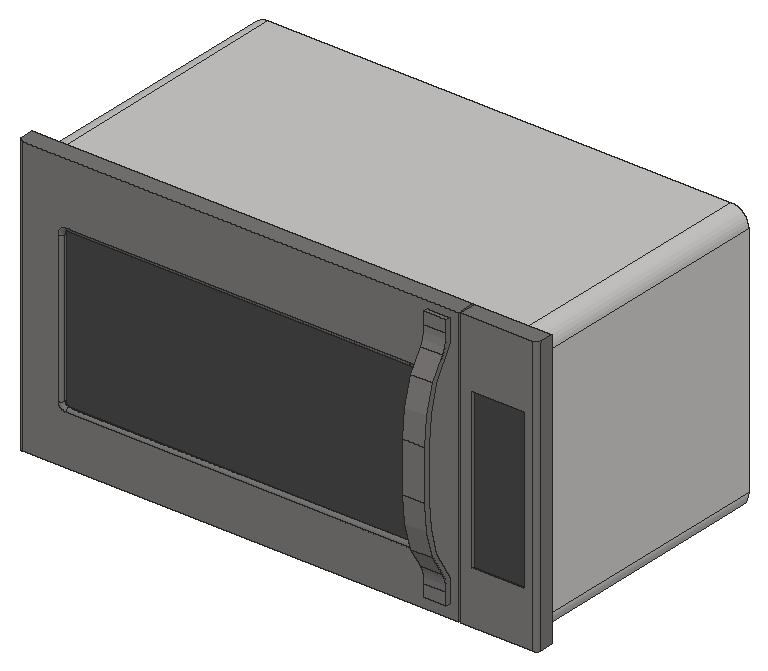
Revit family "M_Forno micro-ondas", category Equipamento especial, Revit 2019
Family settings
  Cota do conector redondo = Utilizar diâmetro
  Tipo de parte = Normal
  Número OmniClass = 23.40.40.14
  Título OmniClass = Food Service Equipment
  Com base no plano de trabalho = Não
  Sempre na vertical = Sim
  Corte com vazios quando carregada = Não
  Compartilhado = Não
  Ponto de cálculo do ambiente = Não
Parameters (values of type "750mm")
  Largura = 750 mm
  Embutido = 0 mm
  Voltagem = 120 V
  Type Comments = ""
  Mostrar legenda = yes
  Consumo de energia = 1000 VA
  Legenda = "Micro-ondas"
  Altura = 400 mm
  Vidro = Eletrodoméstico – Janela
  Descrição = "Forno micro-ondas"
  Linear = 400 mm
  Código de montagem = "E1090320"
  Acabamento do eletrodoméstico = Eletrodoméstico – Bronze
  Corpo do eletrodoméstico = Eletrodoméstico – Aço inoxidável
  Amperagem = Consumo de energia / Voltagem  # 8.33333 A
Reference planes
  plane 1 "Face do armário": y = 0
  plane 2: z = 0
  plane 3 "Centro (Esquerda/Direita)": x = 0
  plane 4 "Esquerda": x = -375
  plane 5 "Direita": x = 375
  plane 6 "Parte posterior": y = 374.6
  plane 7 "Frente da unidade": y = -25.4
  plane 8 "Traseira da porta": y = 0
  plane 9 "Superior": z = 400
  plane 10 "Puxador B.O.": z = 19.05
  plane 11: x = 197.2
  plane 12: x = -311.5
  plane 13 "Puxador T.O.": z = 388.937
  plane 14: z = 304.75
  plane 15: z = 76.2
  plane 16: x = 260.7
  plane 17: y = -69.85
Forms (mm)
  Extrusion 1, solid, material "Eletrodoméstico – Bronze" <- "Acabamento do eletrodoméstico"
    sketch origin (0, -25.4, 0) x (-1, 0, 0) y (0, 0, 1)
      loop
        line (375, 400) -> (-260.7, 400) -> (-260.7, 0) -> (375, 0) -> (375, 400)
      loop
        line (-375, 400) -> (-375, 0) -> (-263.875, 0) -> (-263.875, 400) -> (-375, 400)
      loop
        line (305.15, 304.75) -> (-190.85, 304.75)
        arc (-190.85, 304.75) -> (-195.34, 302.89) -> (-197.2, 298.4) r 6.35
        line (-197.2, 298.4) -> (-197.2, 82.55)
        arc (-197.2, 82.55) -> (-195.34, 78.06) -> (-190.85, 76.2) r 6.35
        line (-190.85, 76.2) -> (305.15, 76.2)
        arc (305.15, 76.2) -> (309.64, 78.06) -> (311.5, 82.55) r 6.35
        line (311.5, 82.55) -> (311.5, 298.4)
        arc (311.5, 298.4) -> (309.64, 302.89) -> (305.15, 304.75) r 6.35
    from 0 to 25.4
  Sweep 2, void
    path in 3D
      loop
        arc (190.85, -25.4, 304.75) -> (195.34, -25.4, 302.89) -> (197.2, -25.4, 298.4) r 6.35
        line (197.2, -25.4, 298.4) -> (197.2, -25.4, 82.55)
        arc (197.2, -25.4, 82.55) -> (195.34, -25.4, 78.06) -> (190.85, -25.4, 76.2) r 6.35
        line (190.85, -25.4, 76.2) -> (-305.15, -25.4, 76.2)
        arc (-305.15, -25.4, 76.2) -> (-309.64, -25.4, 78.06) -> (-311.5, -25.4, 82.55) r 6.35
        line (-311.5, -25.4, 82.55) -> (-311.5, -25.4, 298.4)
        arc (-311.5, -25.4, 298.4) -> (-309.64, -25.4, 302.89) -> (-305.15, -25.4, 304.75) r 6.35
        line (-305.15, -25.4, 304.75) -> (190.85, -25.4, 304.75)
    profile "M_Redondo : 5mm" origin (-57.15, -25.4, 304.75) x (0, -1, 0) y (0, 0, -1)
      loop
        line (0, 0) -> (-5, 0)
        arc (-5, 0) -> (-1.464, -1.464) -> (0, -5) r 5
        line (0, -5) -> (0, 0)
  Extrusion 3, solid, material "Eletrodoméstico – Aço inoxidável" <- "Corpo do eletrodoméstico"
    sketch origin (0, 0, 0) x (-1, 0, 0) y (0, 0, 1)
      loop
        line (333.725, 392.063) -> (-333.725, 392.063)
        arc (-333.725, 392.063) -> (-351.686, 384.623) -> (-359.125, 366.663) r 25.4
        line (-359.125, 366.663) -> (-359.125, 25.4)
        arc (-359.125, 25.4) -> (-351.686, 7.439) -> (-333.725, 0) r 25.4
        line (-333.725, 0) -> (333.725, 0)
        arc (333.725, 0) -> (351.686, 7.439) -> (359.125, 25.4) r 25.4
        line (359.125, 25.4) -> (359.125, 366.663)
        arc (359.125, 366.663) -> (351.686, 384.623) -> (333.725, 392.063) r 25.4
    from 0 to 374.6
  Extrusion 4, solid, material "Eletrodoméstico – Janela" <- "Vidro", detail levels medium+fine
    sketch origin (0, 0, 0) x (-1, 0, 0) y (0, 0, 1)
      loop
        arc (311.5, 298.4) -> (309.64, 302.89) -> (305.15, 304.75) r 6.35
        line (305.15, 304.75) -> (-190.85, 304.75)
        arc (-190.85, 304.75) -> (-195.34, 302.89) -> (-197.2, 298.4) r 6.35
        line (-197.2, 298.4) -> (-197.2, 82.55)
        arc (-197.2, 82.55) -> (-195.34, 78.06) -> (-190.85, 76.2) r 6.35
        line (-190.85, 76.2) -> (305.15, 76.2)
        arc (305.15, 76.2) -> (309.64, 78.06) -> (311.5, 82.55) r 6.35
        line (311.5, 82.55) -> (311.5, 298.4)
    from -19.05 to -6.35
  Extrusion 5, void
    sketch origin (0, 0, 0) x (1, 0, 0) y (0, 1, 0)
      loop
        line (-375, -25.4) -> (-368.65, -25.4)
        arc (-368.65, -25.4) -> (-373.14, -23.54) -> (-375, -19.05) r 6.35
        line (-375, -19.05) -> (-375, -25.4)
      loop
        line (375, -25.4) -> (375, -19.05)
        arc (375, -19.05) -> (373.14, -23.54) -> (368.65, -25.4) r 6.35
        line (368.65, -25.4) -> (375, -25.4)
    from 0 to 400
  Extrusion 6, solid, material "Eletrodoméstico – Bronze" <- "Acabamento do eletrodoméstico", detail levels fine
    sketch origin (0, 0, 0) x (0, 1, 0) y (0, 0, 1)
      loop
        line (-69.85, 240.469) -> (-69.85, 167.518)
        arc (-69.85, 167.518) -> (-66.203, 128.591) -> (-55.387, 91.019) r 209.55
        line (-55.387, 91.019) -> (-38.556, 61.866)
        arc (-38.556, 61.866) -> (-33.481, 49.614) -> (-31.75, 36.466) r 50.8
        line (-31.75, 36.466) -> (-31.75, 19.05) -> (-25.4, 19.05) -> (-25.4, 51.78) -> (-49.888, 94.398)
        arc (-49.888, 94.398) -> (-60.068, 130.33) -> (-63.5, 167.518) r 203.2
        line (-63.5, 167.518) -> (-63.5, 240.469)
        arc (-63.5, 240.469) -> (-60.068, 277.657) -> (-49.888, 313.589) r 203.2
        line (-49.888, 313.589) -> (-25.4, 356.208) -> (-25.4, 388.937) -> (-31.75, 388.937) -> (-31.75, 371.521)
        arc (-31.75, 371.521) -> (-33.481, 358.373) -> (-38.556, 346.121) r 50.8
        line (-38.556, 346.121) -> (-55.387, 316.968)
        arc (-55.387, 316.968) -> (-66.203, 279.396) -> (-69.85, 240.469) r 209.55
    from 216.25 to 248
  Extrusion 7, void
    sketch origin (0, -25.4, 0) x (-1, 0, 0) y (0, 0, 1)
      loop
        line (-279.75, 304.75) -> (-355.95, 304.75) -> (-355.95, 76.2) -> (-279.75, 76.2) -> (-279.75, 304.75)
    from 0 to 3.218
Cuts and joins
  Sweep 2, Extrusion 5, Extrusion 7 cuts Extrusion 1
  Extrusion 7 cuts Extrusion 3
Lines and regions (mm)
  Masking region 1
    outline origin (0, 0, 0) x (1, 0, 0) y (0, 1, 0)
      loop
        line (375, 0) -> (-375, 0) -> (-375, -25.4) -> (375, -25.4) -> (375, 0)
  Split face 1
    outline origin (0, 374.6, 0) x (-1, 0, 0) y (0, 0, 1)
      loop
        circle (-4.909, 31.274) r 12.7
  Masking region 2, detail levels fine
    outline origin (0, 0, 0) x (1, 0, 0) y (0, 1, 0)
      loop
        line (216.25, -25.4) -> (216.25, -69.85) -> (248, -69.85) -> (248, -25.4) -> (216.25, -25.4)
  symbolic lines, style "Eletrodomésticos"
    curve 1: line (375, -25.4, 0) -> (-375, -25.4, 0)
  sketch lines
    curve 2: line (-305.15, -25.4, 304.75) -> (190.85, -25.4, 304.75)
    curve 3: arc (197.2, -25.4, 298.4) -> (195.34, -25.4, 302.89) -> (190.85, -25.4, 304.75) r 6.35
    curve 4: line (197.2, -25.4, 298.4) -> (197.2, -25.4, 82.55)
    curve 5: arc (190.85, -25.4, 76.2) -> (195.34, -25.4, 78.06) -> (197.2, -25.4, 82.55) r 6.35
    curve 6: line (190.85, -25.4, 76.2) -> (-305.15, -25.4, 76.2)
    curve 7: arc (-311.5, -25.4, 82.55) -> (-309.64, -25.4, 78.06) -> (-305.15, -25.4, 76.2) r 6.35
    curve 8: line (-311.5, -25.4, 82.55) -> (-311.5, -25.4, 298.4)
    curve 9: arc (-305.15, -25.4, 304.75) -> (-309.64, -25.4, 302.89) -> (-311.5, -25.4, 298.4) r 6.35
  symbolic lines, style "Eletrodomésticos – Ocultos"
    curve 10: line (-359.125, 0, 0) -> (-359.125, 374.6, 0)
    curve 11: line (-359.125, 374.6, 0) -> (359.125, 374.6, 0)
    curve 12: line (359.125, 374.6, 0) -> (359.125, 0, 0)
  symbolic lines, style "Eletrodomésticos – Giro da planta", detail levels medium+fine
    curve 13: arc (260.7, -25.4, 0) -> (74.508, -474.908, 0) -> (-375, -661.1, 0) r 635.7
    curve 14: line (-375, -661.1, 0) -> (-375, -25.4, 0)
Dimensions and locks
  equal spacing: plane 4 "Esquerda", plane 3 "Centro (Esquerda/Direita)", plane 5 "Direita"
  "Largura": plane 4 "Esquerda" to plane 5 "Direita"
  "Linear": plane 6 "Parte posterior" to plane 7 "Frente da unidade"
  "Altura": plane 9 "Superior" to level
  locked: plane 8 "Traseira da porta" to plane 7 "Frente da unidade" at 25.4
  "Embutido": plane 1 "Face do armário" to plane 8 "Traseira da porta"
  plane 5 "Direita" to plane 11 = 177.8 mm
  locked: plane 12 to plane 4 "Esquerda" at 63.5
  locked: plane 9 "Superior" to Extrusion 3 sketch curve at 7.937
  locked: Extrusion 3 sketch curve to plane 4 "Esquerda" at 15.875
  locked: plane 5 "Direita" to Extrusion 3 sketch curve at 15.875
  locked: plane 10 "Puxador B.O." to level at 19.05
  locked: plane 15 to level at 76.2
  locked: plane 9 "Superior" to plane 14 at 95.25
  locked: Extrusion 1 sketch curve to plane 16 at 3.175
  locked: plane 5 "Direita" to plane 16 at 114.3
  plane 16 to Extrusion 6 to Extrusion 6 = 12.7 mm locked, 31.75 mm locked
  locked: Extrusion 7 sketch curve to plane 16 at 19.05
  locked: plane 5 "Direita" to Extrusion 7 sketch curve at 19.05
  locked: plane 4 "Esquerda" to curve 10 at 15.875
  locked: curve 12 to plane 5 "Direita" at 15.875
  locked: plane 7 "Frente da unidade" to plane 17 at 44.45
  locked: plane 7 "Frente da unidade" to Extrusion 6 sketch curve at 38.1
  locked: Extrusion 6 sketch curve to Extrusion 6 sketch curve at 6.35
  equal spacing: plane 6 "Parte posterior", nested 1, plane 1 "Face do armário"
  radius of Extrusion 3 sketch curve = 25.4 mm  (x4)
  radius of Extrusion 6 sketch curve = 203.2 mm  (x2)
  radius of Extrusion 6 sketch curve = 209.55 mm  (x2)
  aligned and locked: plane 2 to level
  aligned and locked: plane 3 "Centro (Esquerda/Direita)" to nested 1
  aligned and locked: plane 9 "Superior" to Extrusion 1 sketch curve
  aligned and locked: plane 8 "Traseira da porta" to Extrusion 1
  aligned and locked: plane 4 "Esquerda" to Extrusion 1 sketch curve
  aligned and locked: Extrusion 1 sketch curve to plane 5 "Direita"
  aligned and locked: level to Extrusion 3 sketch curve
  aligned and locked: plane 6 "Parte posterior" to Extrusion 3
  aligned and locked: plane 8 "Traseira da porta" to Masking region 1 sketch curve
  aligned and locked: plane 7 "Frente da unidade" to Masking region 1 sketch curve
  aligned and locked: plane 5 "Direita" to Masking region 1 sketch curve
  aligned and locked: plane 4 "Esquerda" to Masking region 1 sketch curve
  aligned and locked: Extrusion 5 sketch curve to plane 7 "Frente da unidade"
  aligned and locked: plane 4 "Esquerda" to Extrusion 5 sketch curve
  aligned and locked: plane 5 "Direita" to Extrusion 5 sketch curve
  aligned and locked: plane 7 "Frente da unidade" to Extrusion 5 sketch curve
  aligned and locked: plane 9 "Superior" to Extrusion 5
  aligned and locked: Extrusion 5 to level
  aligned and locked: Extrusion 1 sketch curve to plane 9 "Superior"
  aligned and locked: Extrusion 6 sketch curve to plane 10 "Puxador B.O."
  aligned and locked: Extrusion 6 sketch curve to plane 13 "Puxador T.O."
  aligned and locked: level to Extrusion 1 sketch curve
  aligned and locked: Extrusion 1 sketch curve to level
  aligned and locked: plane 15 to Extrusion 1 sketch curve
  aligned and locked: plane 12 to Extrusion 1 sketch curve
  aligned and locked: Extrusion 1 sketch curve to plane 11
  aligned and locked: Extrusion 1 sketch curve to plane 14
  aligned and locked: Extrusion 4 sketch curve to cut or joined group of Extrusion 1, Sweep 2, Extrusion 5, Extrusion 7  (x4)
  aligned and locked: Extrusion 7 sketch curve to plane 14
  aligned and locked: plane 15 to Extrusion 7 sketch curve
  aligned and locked: Extrusion 1 sketch curve to plane 16
  aligned and locked: plane 6 "Parte posterior" to curve 11
  aligned and locked: plane 6 "Parte posterior" to curve 12
  aligned and locked: plane 8 "Traseira da porta" to curve 10
  aligned and locked: plane 8 "Traseira da porta" to curve 12
  aligned and locked: plane 7 "Frente da unidade" to curve 1
  aligned and locked: plane 7 "Frente da unidade" to curve 14
  aligned and locked: Masking region 2 sketch curve to Extrusion 6  (x2)
  aligned and locked: Extrusion 6 to Masking region 2 sketch curve
  aligned and locked: Masking region 2 sketch curve to plane 17
  aligned and locked: plane 7 "Frente da unidade" to Extrusion 6 sketch curve
  aligned and locked: Extrusion 6 sketch curve to plane 7 "Frente da unidade"
Automatic sketch dimensions
  Split face 1 sketch curve to Extrusion 3 = 31.274 mm
  Split face 1 sketch curve to Extrusion 3 = 354.216 mm
  Extrusion 5 sketch curve to Extrusion 5 sketch curve = 6.35 mm
  Extrusion 5 sketch curve to plane 5 "Direita" = 6.35 mm
  Extrusion 6 sketch curve to Extrusion 6 sketch curve = 0 mm  (x2)
  Extrusion 6 sketch curve to plane 7 "Frente da unidade" = 57.15 mm  (x2)
  Extrusion 6 sketch curve to plane 7 "Frente da unidade" = 29.987 mm
  Extrusion 6 sketch curve to Extrusion 6 sketch curve = 5.499 mm  (x2)
  Extrusion 6 sketch curve to plane 7 "Frente da unidade" = 13.156 mm  (x2)
  Extrusion 6 sketch curve to plane 7 "Frente da unidade" = 6.35 mm  (x2)
  Extrusion 6 sketch curve to Extrusion 6 sketch curve = 17.416 mm  (x2)
  Extrusion 6 sketch curve to Extrusion 6 sketch curve = 10.087 mm  (x2)
  Extrusion 6 sketch curve to Extrusion 6 sketch curve = 29.153 mm  (x2)
  Extrusion 1 sketch curve to plane 11 = 6.35 mm  (x2)
  Extrusion 1 sketch curve to Extrusion 1 sketch curve = 6.35 mm  (x2)
  curve 14 to plane 4 "Esquerda" = 0 mm
  curve 13 to plane 16 = 0 mm
  curve 1 to plane 5 "Direita" = 0 mm
  Extrusion 6 sketch curve to Extrusion 6 sketch curve = 19.962 mm
  radius of Split face 1 sketch curve = 12.7 mm
Nested families
  nested 1: "Anotação de legenda de 2,5" at (0, 187.3, 0), visible <- "Mostrar legenda", type "Anotação de legenda de 2,5"
Connectors
  electrical at (4.909, 374.6, 31.274), driven by "Voltagem", driven by "Consumo de energia"
    settings: on Extrusion 3, index 1, voltage 120 V, apparent load 1000 VA, apparent load phase1 0 VA, apparent load phase2 0 VA, apparent load phase3 0 VA, power factor 1, load classification "Eletrodoméstico", number of poles 1, system type 30, power factor state 1, is connector primary yes, connector utility no, sub classification motor no, connector description "Potência do forno"
Definition of nested family "Anotação de legenda de 2,5"
  Parameters
    Legenda = "Congelador 36 LH"
  Reference planes
    plane 1: y = 0
    plane 2: x = 0
  Text (mm)
    label "Legenda" at (0.095, -0.088, 0), shows "Legenda"
